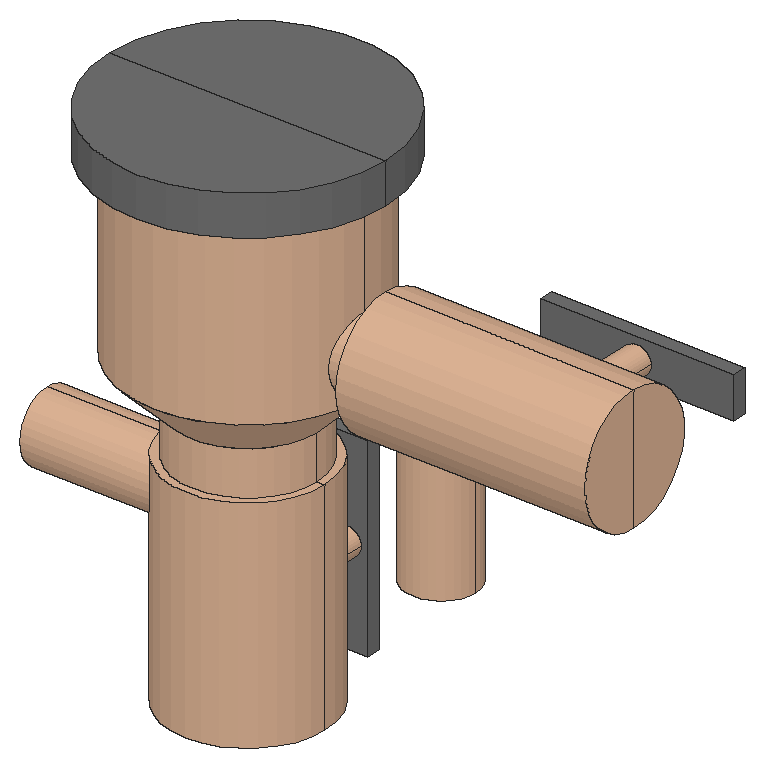
Revit family "Vacuum_Breakers-Anti_Siphon-WATTS-LF800M4QT_Series", category Pipe Accessories, Revit 2019
Family settings
  Round Connector Dimension = Use Radius
  Part Type = Valve - Breaks Into
  OmniClass Number = 23.65.55.14.21
  OmniClass Title = Non-Return Valves for Liquid Services
  Work Plane-Based = No
  Always vertical = Yes
  Cut with Voids When Loaded = No
  Shared = Yes
Parameters (values of type "LF800M4QT-2"")
  Width = 5"
  Warranty Information = "1 Year (Limited)"
  URL = "http://www.watts.com"
  Region = "North America"  # constant formula
  Radius 2 = 1 1/8"
  Radius = 1 1/4"
  Product Page URL = "https://www.watts.com/products/plumbing-flow-control-solutions/backflow-preventers/vacuum-breakers/lf800m4qt"
  Product Documentation Link = "http://media.wattswater.com/ES-LF800M4QT.pdf"
  Price = "Prices may vary. Please consult Manufacturer Representative for most up-to-date price list."  # constant formula
  Overall Length = 10 5/8"
  Outlet offset Height = 6 3/8"
  Nominal Radius = 5/8"
  Model = "LF800M4QT"  # constant formula
  Max. Working Pressure = "150psi (10.3 bar)"  # constant formula
  Material = "Lead Free-Watts-Cast Copper Silicon Alloy"  # constant formula
  Manufacturer Product Line = "Backflow Prevention"  # constant formula
  Manufacturer = "WATTS"
  Length = 7"
  Height = 9 5/8"
  Handle Length = 3 1/2"
  Description = "Series LF800M4QT Lead Free* Anti-Siphon Pressure Vacuum Breakers prevent the reverse flow of polluted water from entering into the potable water supply due to backsiphonage.  It consists of Lead Free* cast copper silicon alloy construction, silicone rubber check valve disc, plastic check valve seat, stainless steel springs, a bonnet with silicone rubber O-ring seal, a lightweight plastic disc float, tee handle or lever handle shutoffs, and test cocks for winterization draining. Series LF800M4QT is ideal in health hazard continuous pressure applications such as irrigation systems and industrial process water systems where the water enters the equipment at or below its flood rim. Maximum Pressure:150psi (10.3 bar), Minimum Pressure: 15psi (55kPa)"  # constant formula
  Creation Date = "20/5/2014"  # constant formula
  Country = "United States"  # constant formula
  Connection Type = "Female NPT Connection"  # constant formula
  Connection Size = Connection Radius * 2  # 2"
  Connection Radius = 1"
  CW Connection = yes
  Assembly Code = "F1050"
Types (7): name | Width | Radius 2 | Radius | Overall Length | Outlet offset Height | Nominal Radius | Length | Height | Handle Length | Connection Size | Connection Radius
  (no name) | 5" | 1 1/8" | 1 1/4" | 10 5/8" | 6 3/8" | 5/8" | 7" | 9 5/8" | 3 1/2" | 2" | 1"
  LF800M4QT-0.5" | 2 1/4" | 1/2" | 1/2" | 6 1/8" | 3 11/16" | 1/4" | 3 7/8" | 6 1/4" | 2 1/2" | 1/2" | 1/4"
  LF800M4QT-0.75" | 2 1/4" | 7/16" | 7/16" | 6 1/2" | 3 15/16" | 1/4" | 4 1/8" | 6 1/2" | 2 1/2" | 3/4" | 3/8"
  LF800M4QT-1" | 3 7/16" | 5/8" | 5/8" | 7 1/2" | 4 3/4" | 1/4" | 4 7/8" | 7 1/2" | 2 3/4" | 1" | 1/2"
  LF800M4QT-1.25" | 5" | 3/4" | 1" | 8 7/8" | 5 3/4" | 1/2" | 6 1/8" | 9" | 3 1/4" | 1 1/4" | 5/8"
  LF800M4QT-1.5" | 5" | 7/8" | 1 1/4" | 9 1/4" | 6 1/4" | 1/2" | 6 3/8" | 9 1/2" | 3 1/2" | 1 1/2" | 3/4"
  LF800M4QT-2" | 5" | 1 1/8" | 1 1/4" | 10 5/8" | 6 3/8" | 5/8" | 7" | 9 5/8" | 3 1/2" | 2" | 1"
Reference planes (in)
  plane 1 "Center (Front/Back)": y = 0
  plane 2: z = 0
  plane 3 "Center (Left/Right)": x = 0
  plane 4: x = 2.5
  plane 5: z = 6.375
  plane 6: z = 9.625
  plane 7: x = 0.25
  plane 8: x = -1
  plane 9: z = 3.1875
  plane 10: y = -2.5
  plane 11: y = 2.5
  plane 12: y = -2.25
  plane 13: z = 6.9375
  plane 14: z = 7.5
  plane 15: z = 1.59375
  plane 16: z = 4.78125
  plane 17: z = 3.98437
  plane 18: x = 7
  plane 19: x = 3.5
  plane 20: x = 5.25
  plane 21: x = -3.625
  plane 22: y = 2.25
  plane 23: x = -2.5
Forms (in)
  Revolve 1, solid, material "Lead Free-Watts-Cast Copper Silicon Alloy"
    sketch origin (0, 0, 0) x (1, 0, 0) y (0, 0, 1)
      loop
        line (0, 9.625) -> (-2.5, 9.625) -> (-2.5, 8.89774) -> (-2.125, 8.89774) -> (-2.125, 5.65625) -> (-1.25, 4.78125) -> (-1.25, 3.98438) -> (-1.39767, 3.98438) -> (-1.39767, 0) -> (0, 0) -> (0, 9.625)
      axis (0, 0) -> (0, 9.625)
    angle from 0 to 360
  Revolve 2, solid, material "Lead Free-Watts-Cast Copper Silicon Alloy"
    sketch origin (0, 0, 0) x (1, 0, 0) y (0, 0, 1)
      loop
        line (7, 6.375) -> (7, 7.5) -> (2.5, 7.5) -> (2.5, 7.0625) -> (0, 7.0625) -> (0, 6.375) -> (7, 6.375)
      axis (0, 6.375) -> (7, 6.375)
    angle from 0 to 360
  Revolve 3, solid, material "Lead Free-Watts-Cast Copper Silicon Alloy"
    sketch origin (0, 0, 0) x (1, 0, 0) y (0, 0, 1)
      loop
        line (0, 3.1875) -> (0, 3.8125) -> (-3.625, 3.8125) -> (-3.625, 3.1875) -> (0, 3.1875)
      axis (0, 3.1875) -> (-3.625, 3.1875)
    angle from 0 to 360
  Extrusion 4, solid, material "Thermoplastic-Watts-PPO"
    sketch origin (0, 0, 0) x (1, 0, 0) y (0, 0, 1)
      loop
        line (-0.375, 3.34375) -> (-0.375, -0.15625) -> (0.375, -0.15625) -> (0.375, 3.34375) -> (-0.375, 3.34375)
    from -2.5 to -2.25
  Extrusion 5, solid, material "Lead Free-Watts-Cast Copper Silicon Alloy"
    sketch origin (0, 0, 0) x (1, 0, 0) y (0, 0, 1)
      loop
        circle (0, 1.59375) r 0.25
      loop
        circle (5.25, 6.375) r 0.25
    from -2.25 to 0
  Extrusion 6, solid, material "Thermoplastic-Watts-PPO"
    sketch origin (0, 0, 0) x (-1, 0, 0) y (0, 0, -1)
      loop
        line (-7, -6.75) -> (-3.5, -6.75) -> (-3.5, -6) -> (-7, -6) -> (-7, -6.75)
    from -2.5 to -2.25
  Revolve 7, solid, material "Lead Free-Watts-Cast Copper Silicon Alloy"
    sketch origin (3.875, 0, 0) x (-1, 0, 0) y (0, 0, 1)
      loop
        line (0.375, 6.375) -> (0.375, 3.1875) -> (1, 3.1875) -> (1, 6.375) -> (0.375, 6.375)
      axis (0.375, 3.1875) -> (0.375, 6.375)
    angle from 0 to 360
Lines and regions (in)
  Masking region 1, detail levels fine
    outline origin (0, 0, 0) x (1, 0, 0) y (0, 1, 0)
      loop
        line (-2.42061, 0.625) -> (-3.625, 0.625) -> (-3.625, -0.625) -> (-2.42061, -0.625)
        arc (-2.42061, -0.625) -> (-0.33761, -2.4771) -> (2.16506, -1.25) r 2.5
        line (2.16506, -1.25) -> (7, -1.25) -> (7, 1.25) -> (5.5, 1.25) -> (5.5, 2.25) -> (7, 2.25) -> (7, 2.5) -> (3.5, 2.5) -> (3.5, 2.25) -> (5, 2.25) -> (5, 1.25) -> (2.16506, 1.25)
        arc (2.16506, 1.25) -> (-0.33761, 2.4771) -> (-2.42061, 0.625) r 2.5
  model lines, style "PipeAccessory", detail levels coarse+medium
    curve 1: line (-2.5, 2.5, 0) -> (-2.5, -2.5, 0)
    curve 2: line (-2.5, 2.5, 0) -> (2.5, 2.5, 0)
    curve 3: line (2.5, 2.5, 0) -> (2.5, -2.5, 0)
    curve 4: line (-2.5, -2.5, 0) -> (2.5, -2.5, 0)
    curve 5: line (-2.5, 2.5, 0) -> (2.5, -2.5, 0)
    curve 6: line (2.5, 2.5, 0) -> (-2.5, -2.5, 0)
  symbolic lines, detail levels fine
    curve 7: circle (0, 0, 0) r 2.5 normal (0, 0, -1)
Dimensions and locks (in)
  "Height": plane 6 to level
  "Outlet offset Height": plane 5 to level
  "Radius": Revolve 1 sketch curve to plane 3 "Center (Left/Right)"
  equal spacing: plane 5, plane 9, level
  "Nominal Radius": Revolve 3 sketch curve to plane 9
  Extrusion 4 sketch curve to plane 3 "Center (Left/Right)" = 3/8"
  plane 3 "Center (Left/Right)" to Extrusion 4 sketch curve = 3/8"
  "Width": plane 11 to plane 10
  equal spacing: plane 11, plane 1 "Center (Front/Back)", plane 10
  "Connection Radius": plane 3 "Center (Left/Right)" to plane 8
  locked: plane 12 to plane 10 at 0.25
  "Radius 2": plane 14 to plane 5
  equal spacing: plane 14, plane 13, plane 5
  plane 14 to plane 13 = 9/16"
  equal spacing: plane 9, plane 15, level
  "Handle Length": Extrusion 4 sketch curve to Extrusion 4 sketch curve
  equal spacing: Extrusion 4 sketch curve, plane 15, Extrusion 4 sketch curve
  equal spacing: plane 5, plane 16, plane 9
  equal spacing: plane 16, plane 17, plane 9
  plane 6 to plane 5 = 3 1/4"
  equal spacing: plane 18, plane 20, plane 19
  "Overall Length": plane 18 to plane 21
  "Length": plane 18 to plane 3 "Center (Left/Right)"
  equal spacing: plane 18, plane 19, plane 3 "Center (Left/Right)"
  "Nominal Radius": plane 19 to Revolve 7 sketch curve
  "Handle Length": Extrusion 6 sketch curve to Extrusion 6 sketch curve
  equal spacing: Extrusion 6 sketch curve, plane 20, Extrusion 6 sketch curve
  locked: plane 11 to plane 22 at 0.25
  Extrusion 6 to level = 6"
  "Nominal Radius": plane 1 "Center (Front/Back)" to Masking region 1 sketch curve
  "Nominal Radius": Masking region 1 sketch curve to plane 1 "Center (Front/Back)"
  locked: plane 20 to Masking region 1 sketch curve at 0.25
  locked: Masking region 1 sketch curve to plane 20 at 0.25
  "Radius": plane 1 "Center (Front/Back)" to Masking region 1 sketch curve
  "Radius": Masking region 1 sketch curve to Extrusion 5
  "Width": plane 23 to plane 4
  equal spacing: plane 23, plane 3 "Center (Left/Right)", plane 4
  locked: plane 23 to Revolve 1 sketch curve at 0.375
  locked: Revolve 1 sketch curve to Revolve 1 sketch curve at 0.14767
  locked: Revolve 1 sketch curve to plane 16 (angle 45.00°)
  aligned and locked: plane 3 "Center (Left/Right)" to Extrusion 5 sketch curve
  aligned and locked: plane 5 to Extrusion 5 sketch curve
  aligned and locked: plane 3 "Center (Left/Right)" to Revolve 2 sketch curve
  aligned and locked: Revolve 2 sketch curve to plane 14
  aligned and locked: plane 15 to Extrusion 5 sketch curve
  aligned and locked: plane 16 to Revolve 1 sketch curve
  aligned and locked: plane 11 to curve 2
  aligned and locked: curve 3 to plane 4
  aligned and locked: curve 4 to plane 10
  aligned and locked: curve 7 to Revolve 1
  aligned and locked: plane 21 to Revolve 3 sketch curve
  aligned and locked: Revolve 3 sketch curve to plane 3 "Center (Left/Right)"
  aligned and locked: plane 19 to Revolve 7 sketch curve  (x2)
  aligned and locked: Revolve 2 sketch curve to plane 18
  aligned and locked: Revolve 2 sketch curve to plane 4
  aligned and locked: plane 20 to Extrusion 5 sketch curve
  aligned and locked: Extrusion 4 to plane 11
  aligned and locked: plane 22 to Extrusion 4
  aligned and locked: Extrusion 6 to Extrusion 4
  aligned and locked: Extrusion 4 to Extrusion 6
  aligned and locked: Extrusion 5 to Extrusion 4
  aligned and locked: plane 1 "Center (Front/Back)" to Extrusion 5
  aligned and locked: Masking region 1 sketch curve to Revolve 1  (x2)
  aligned and locked: Masking region 1 sketch curve to Extrusion 6  (x3)
  aligned and locked: plane 21 to Masking region 1 sketch curve
  aligned and locked: plane 18 to Masking region 1 sketch curve
  aligned and locked: Masking region 1 sketch curve to plane 22  (x2)
  aligned and locked: Masking region 1 sketch curve to Masking region 1 sketch curve
  aligned and locked: plane 23 to Revolve 1 sketch curve
  aligned and locked: curve 1 to curve 4
  aligned and locked: curve 3 to curve 4
Automatic sketch dimensions
  Revolve 3 sketch curve to plane 9 = 0"  (x2)
  Revolve 3 sketch curve to plane 21 = 2 1/8"
  Revolve 3 sketch curve to Revolve 3 sketch curve = 1 1/4"
  Revolve 7 sketch curve to plane 5 = 0"
  Revolve 7 sketch curve to plane 9 = 0"
  Revolve 7 sketch curve to Revolve 7 sketch curve = 0.23464"
  Revolve 7 sketch curve to Revolve 7 sketch curve = 0.83161"
  Revolve 2 sketch curve to plane 5 = 0"  (x2)
  plane 13 to Revolve 2 sketch curve = 1/8"
  plane 21 to Revolve 2 sketch curve = 0.19183"
  Revolve 2 sketch curve to plane 21 = 0.80817"
  Revolve 1 sketch curve to plane 17 = 0"
  Revolve 1 sketch curve to level = 0"
  Revolve 1 sketch curve to plane 3 "Center (Left/Right)" = 0"  (x2)
  Revolve 1 sketch curve to plane 6 = 0"
  Revolve 1 sketch curve to plane 6 = 0.72726"
  Revolve 1 sketch curve to Revolve 1 sketch curve = 1/2"
  Revolve 1 sketch curve to Revolve 1 sketch curve = 3/4"
  plane 11 to curve 1 = 0"
  curve 1 to plane 23 = 0"
  curve 2 to plane 23 = 0"
  curve 6 to plane 4 = 0"
  curve 1 to plane 10 = 0"
  curve 5 to plane 10 = 0"
  plane 11 to curve 3 = 0"
  plane 5 to Extrusion 6 sketch curve = 3/8"
  Extrusion 6 sketch curve to plane 5 = 3/8"
  radius of Extrusion 5 sketch curve = 1/4"  (x2)
Connectors (in)
  piping at (0, 0, 0), diameter 2, driven by "Connection Radius"
    settings: on Revolve 1, index 1, connector inside diameter 1/2", connector length 0", flow factor 0, pipe flow 0 GPM, pressure drop 0.00 psi, fitting loss kfactor 0, connector angle 0.00°, fixture units 0, engagement length 0", angle of deflection 0.00°, flow configuration 0, flow direction 1, fitting loss method 0, system type 29, joint type 0, gender type 0, connector reference index -1, connector utility 0, adjustable connector no, is connector primary yes, connector description "Inlet Connection"
  piping at (7, 0, 6.375), diameter 2, driven by "Connection Radius"
    settings: on Revolve 2, index 2, connector inside diameter 24", connector length 0", flow factor 0, pipe flow 0 GPM, pressure drop 0.00 psi, fitting loss kfactor 0, connector angle 0.00°, fixture units 0, engagement length 0", angle of deflection 0.00°, flow configuration 0, flow direction 2, fitting loss method 0, system type 29, joint type 0, gender type 0, connector reference index -1, connector utility 0, adjustable connector no, is connector primary no, connector description "Outlet Connection"
